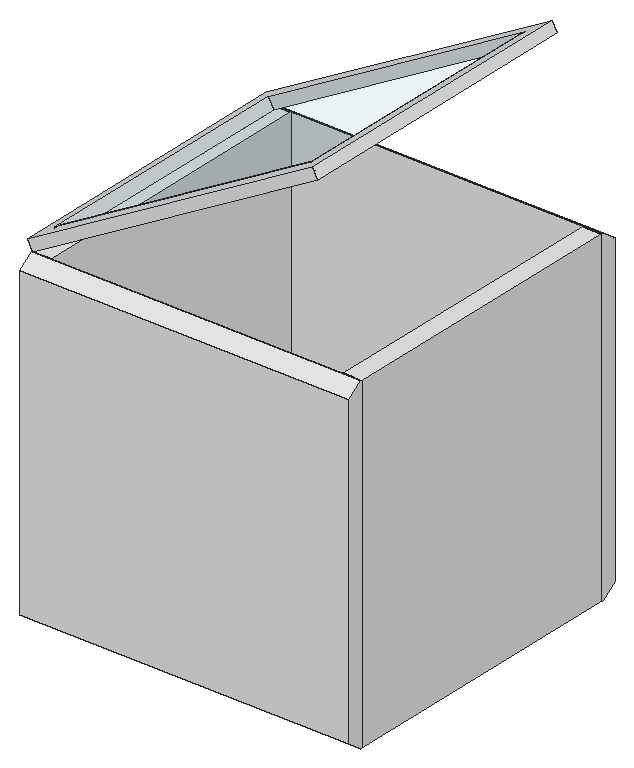
Revit family "Domotics-NetworkCabling-GEWISS-CABINETS_WALL-MOUNTED_19_12U_D600", category Apparecchi elettrici, host Superficie, Revit 2019
Family settings
  Host = Superficie
  Mantenere orientamento annotazione = Sì
  Quota connettore circolare = Usa diametro
  Tipo di parte = Normale
  Taglio con vuoti quando caricato = No
  Condiviso = No
  Punto di calcolo locali = Sì
Parameters (values of type "GW38418 - WALL CABINET 19 12U DEPTH 600MM.")
  simbolo in pianta [instance] = yes
  n_poli = 1
  Visibilità sportello [instance] = yes
  Version file RFA = "21.2"
  URL = "https://www.gewiss.com/ww/en"
  Type of door = "Reversible"
  Technical sheet = "https://www.gewiss.com/ww/en/search?q=GW38418"
  Static load capacity = "50KG"
  SEO = "Board"
  Realized by GEWISS S.p.A. = ""
  Prospetto di default = 900 mm
  Produttore = "GEWISS S.p.A."
  Potenza quadro = 0 V
  Outer dim. LxHxD (mm) = "600x605x600"
  Nome quadro [instance] = "n.quadro"
  No. uprights = "2"
  Modello = "GW38418"
  Material = "Steel"
  Immagine tipo = B.jpg
  IP degree = "IP20"
  IDT = "3c7993ceb833470aaa6632387aac5ca7"
  IDF = "9ade8971-03e7-4a15-938d-8c52a838695b"
  Finishing = "Textured"
  Electrocod = "3752"
  Door opening = "180°"
  Distanza_x [instance] = -380.34 mm
  Distanza simbolo [instance] = 0.5 mm
  Distanza effettiva x [instance] = 1000 mm - Distanza_x  # 1380.34 mm
  Descrizione = "WALL CABINET 19 12U DEPTH 600MM."
  Depth (mm) = "600 mm"
  Colour = "Grey (RAL 7035)"
  Category = "19” wall-mount cabinet"
  Catalogue = "DOMOTICS"
  Cabling unity = "12 U"
  COBie.Tagnumber = ""
  COBie.CreatedOn = ""
  COBie.CreatebBy = ""
  COBie.ComponentRegisterItemID = ""
  COBie.Component.TagNumber = ""
  COBie.Component.Space = ""
  COBie.Component.SerialNumber = ""
  COBie.Component.InstallationDate = ""
  COBie.Component.Description = ""
  COBie.Component.BarCode = ""
  Apertura [instance] = 30.00°
Reference planes
  plane 1 "Centro (Fronte/Retro)": y = 0
  plane 2: z = 0
  plane 3 "Centro (Sinistra/Destra)": x = 0
  plane 4: x = -1380.34
  plane 5: x = 0
Forms (mm)
  Extrusion 1, solid, detail levels coarse
    sketch origin (0, 0, 0) x (1, 0, 0) y (0, 1, 0)
      loop
        line (-10, 609) -> (-10, -4.25) -> (600, -4.25) -> (600, 609) -> (-10, 609)
    from 0 to 600
Dimensions and locks
  plane 4 to plane 3 "Centro (Sinistra/Destra)" = 1380.34 mm
  "Distanza effettiva x": plane 4 to plane 5
  aligned and locked: host face to plane 2
  aligned and locked: host face to level
  aligned and locked: nested 1 to plane 5
  aligned and locked: plane 3 "Centro (Sinistra/Destra)" to nested 2
  aligned and locked: plane 1 "Centro (Fronte/Retro)" to nested 2
  aligned and locked: Extrusion 1 sketch curve to nested 2  (x3)
  aligned and locked: Extrusion 1 to nested 2
Automatic sketch dimensions
  host sketch curve to host sketch curve = 3398.537 mm
  host sketch curve to host sketch curve = 3619.2 mm
  Extrusion 1 sketch curve to plane 3 "Centro (Sinistra/Destra)" = 10 mm
Nested families
  nested 1: "DATACENTERsimbolo" at (0, 911.19, 0), Distanza dal muro <- "Distanza simbolo", SIMBOLO ACCESO <- "simbolo in pianta", visible <- "simbolo in pianta", type "3P"
    with SIMBOLO ACCESO yes, Distanza dal muro 0.5 mm
  nested 2: "QUADRO DA PARETE 19 12U P_600MM_base" at (0, 0, 0), Visibilità sportello <- "Visibilità sportello", type "QUADRO DA PARETE 19 12U P_600MM_base", detail levels medium+fine
Connectors
  electrical at (300, 605, 300), driven by "n_poli", driven by "Potenza quadro"
    settings: on nested 2, index 1, voltage 0 V, apparent load 0 VA, apparent load phase1 0 VA, apparent load phase2 0 VA, apparent load phase3 0 VA, power factor 1, load classification "Altro", number of poles 1, system type 31, power factor state 1, is connector primary yes, connector utility no, sub classification motor no, connector description ""
Definition of nested family "QUADRO DA PARETE 19 12U P_600MM_base"
  Parameters (values of type "QUADRO DA PARETE 19 12U P_600MM_base")
    s = 30.00°
    d_piano = 0 mm
    Visibilità sportello [instance] = yes
    Vetro = none
    Struttura = none
    Sportlello = none
    Profondità quadro = 600 mm  # constant formula
    Larghezza quadro = 600 mm  # constant formula
    Altezza quadro = 605 mm  # constant formula
  Reference planes
    plane 1 "Centro (Fronte/Retro)": y = 0
    plane 2: z = 0
    plane 3 "Centro (Sinistra/Destra)": x = 0
    plane 4: z = 0
    plane 5: z = 26
    plane 6: z = 576
    plane 7: z = 600
    plane 8 "posizione": y = 30
    plane 9: y = 575
    plane 10: y = 605
    plane 11: x = 600
    plane 12: x = 34
    plane 13: x = 566
    plane 14: y = -4.25
    plane 15: y = 609
    plane 16: z = 575.1
    plane 17: z = 545.6
    plane 18: x = 69.137
    plane 19: z = 57.064
    plane 20: z = 555.625
  Forms (mm)
    Extrusion 1, solid, material <- "Struttura"
      sketch origin (0, 0, 0) x (0, 1, 0) y (0, 0, 1)
        loop
          line (30, 600) -> (30, 0) -> (575, 0) -> (575, 600) -> (30, 600)
      from 0 to 34
    Extrusion 2, solid, material <- "Struttura"
      sketch origin (612, 0, 0) x (0, 1, 0) y (0, 0, -1)
        loop
          line (30, -600) -> (575, -600) -> (575, 0) -> (30, 0) -> (30, -600)
      from 12 to 46
    Extrusion 3, solid, material <- "Struttura"
      sketch origin (0, 0, 0) x (0, 1, 0) y (0, 0, 1)
        loop
          line (30, 0) -> (30, 600) -> (27.558, 600) -> (0, 580.704) -> (0, 19.296) -> (27.558, 0) -> (30, 0)
        loop
          line (575, 0) -> (577.442, 0) -> (605, 19.296) -> (605, 580.704) -> (577.442, 600) -> (575, 600) -> (575, 0)
      from 0 to 600
    Extrusion 4, solid, material <- "Struttura"
      sketch origin (0, 0, 0) x (1, 0, 0) y (0, 1, 0)
        loop
          line (34, 575) -> (34, 30) -> (566, 30) -> (566, 575) -> (34, 575)
      from 0 to 26
    Extrusion 5, solid, material <- "Sportlello", visible <- "Visibilità sportello"
      sketch origin (731.334, 0, 1022.236) x (-0.866025, 0, -0.5) y (0, -1, 0)
        loop
          line (844.471, -30) -> (244.471, -30) -> (244.471, -575) -> (844.471, -575) -> (844.471, -30)
        loop
          line (274.471, -545) -> (814.471, -545) -> (814.471, -60) -> (274.471, -60) -> (274.471, -545)
      from 0 to 20
    Extrusion 6, solid, material <- "Vetro", visible <- "Visibilità sportello"
      sketch origin (731.334, 0, 1022.236) x (-0.866025, 0, -0.5) y (0, -1, 0)
        loop
          line (814.471, -60) -> (274.471, -60) -> (274.471, -545) -> (814.471, -545) -> (814.471, -60)
      from 0 to 20
  Lines and regions (mm)
    reference lines
      curve 1: line (731.334, 0, 1022.236) -> (0, 0, 600)
  Dimensions and locks
    locked: plane 5 to plane 4 at 26
    locked: plane 7 to plane 6 at 24
    "Profondità quadro": plane 7 to plane 4
    "d_piano": plane 4 to plane 2
    locked: plane 1 "Centro (Fronte/Retro)" to plane 8 "posizione" at 30
    locked: plane 9 to plane 10 at 30
    "Altezza quadro": plane 1 "Centro (Fronte/Retro)" to plane 10
    "Larghezza quadro": plane 3 "Centro (Sinistra/Destra)" to plane 11
    locked: plane 3 "Centro (Sinistra/Destra)" to plane 12 at 34
    locked: plane 13 to plane 11 at 34
    plane 9 to Extrusion 2 = 545 mm
    locked: plane 14 to plane 1 "Centro (Fronte/Retro)" at 4.25
    locked: plane 10 to plane 15 at 4
    locked: plane 17 to plane 16 at 29.5
    locked: plane 16 to plane 7 at 24.9
    locked: plane 19 to plane 5 at 31.064
    plane 3 "Centro (Sinistra/Destra)" to Extrusion 4 = 566 mm
    locked: Extrusion 5 sketch curve to curve 1 at 30
    "Larghezza quadro": Extrusion 5 sketch curve to Extrusion 5 sketch curve
    locked: Extrusion 5 sketch curve to Extrusion 5 sketch curve at 30  (x4)
    "s": angle plane 7 to curve 1
    aligned and locked: Extrusion 1 sketch curve to plane 7
    aligned and locked: Extrusion 1 sketch curve to plane 4
    aligned and locked: Extrusion 1 sketch curve to plane 8 "posizione"
    aligned and locked: Extrusion 1 sketch curve to plane 9
    aligned and locked: Extrusion 1 to plane 3 "Centro (Sinistra/Destra)"
    aligned and locked: plane 12 to Extrusion 1
    aligned and locked: plane 13 to Extrusion 2
    aligned and locked: Extrusion 2 to plane 11
    aligned and locked: Extrusion 2 to plane 4
    aligned and locked: plane 7 to Extrusion 2
    aligned and locked: Extrusion 3 sketch curve to plane 8 "posizione"
    aligned and locked: Extrusion 3 sketch curve to plane 7
    aligned and locked: Extrusion 3 sketch curve to plane 1 "Centro (Fronte/Retro)"
    aligned and locked: Extrusion 3 sketch curve to plane 10
    aligned and locked: Extrusion 3 sketch curve to plane 9
    aligned and locked: plane 7 to Extrusion 3 sketch curve
    aligned and locked: Extrusion 3 sketch curve to plane 4
    aligned and locked: Extrusion 3 to plane 3 "Centro (Sinistra/Destra)"
    aligned and locked: Extrusion 3 to plane 11
    aligned and locked: Extrusion 4 sketch curve to plane 12
    aligned and locked: Extrusion 4 sketch curve to plane 9
    aligned and locked: Extrusion 4 sketch curve to plane 8 "posizione"
    aligned and locked: Extrusion 4 sketch curve to plane 13
    aligned and locked: plane 5 to Extrusion 4
    aligned and locked: Extrusion 4 to plane 4
    aligned and locked: curve 1 to Extrusion 3
    aligned and locked: Extrusion 6 sketch curve to Extrusion 5  (x3)
    aligned and locked: Extrusion 5 sketch curve to Extrusion 3
  Automatic sketch dimensions
    plane 7 to Extrusion 2 sketch curve = 0 mm
    Extrusion 2 sketch curve to plane 8 "posizione" = 0 mm
    Extrusion 2 sketch curve to plane 4 = 0 mm
    Extrusion 2 sketch curve to plane 9 = 0 mm
    plane 8 "posizione" to Extrusion 3 sketch curve = 2.442 mm  (x2)
    Extrusion 3 sketch curve to plane 9 = 2.442 mm  (x2)
    Extrusion 3 sketch curve to plane 5 = 6.704 mm  (x2)
    plane 6 to Extrusion 3 sketch curve = 4.704 mm  (x2)
    Extrusion 3 sketch curve to plane 4 = 0 mm
    Extrusion 6 sketch curve to curve 1 = 30 mm
    Extrusion 5 sketch curve to curve 1 = 0 mm
    curve 1 to plane 3 "Centro (Sinistra/Destra)" = 0 mm
    curve 1 to plane 7 = 0 mm
Definition of nested family "DATACENTERsimbolo"
  Parameters (values of type "3P")
    SIMBOLO ACCESO [instance] = yes
    Distanza dal muro [instance] = 0 mm
  Reference planes
    plane 1: y = 0
    plane 2: x = 0
  Dimensions and locks
    "Distanza dal muro": plane 1 to nested 1
    aligned and locked: plane 2 to nested 1
  Nested families
    nested 1: "DATACENTERsimbolo.base" at (0, 0, 0), type "3P"
      with CORNICE SIMBOLO yes
  Definition of nested family "DATACENTERsimbolo.base"
    Parameters (values of type "3P")
      Testo = ""
      CORNICE SIMBOLO [instance] = yes
      3P = yes
    Reference planes
      plane 1: y = 0
      plane 2: x = 0
    Lines and regions (mm)
      detail lines
        curve 1: line (6.852, 3.426, 0) -> (8.859, 3.426, 0)
        curve 2: line (8.859, 3.426, 0) -> (8.859, 0, 0)
        curve 3: line (8.859, 0, 0) -> (6.852, 0, 0)
        curve 4: line (6.852, 0, 0) -> (0, 3.426, 0)
        curve 5: line (0, 3.426, 0) -> (3.027, 3.426, 0)
        curve 6: line (3.027, 3.426, 0) -> (6.852, 3.426, 0)
        curve 7: line (6.852, 3.426, 0) -> (6.852, 0, 0)
        curve 8: line (6.852, 0, 0) -> (0, 0, 0)
        curve 9: line (0, 0, 0) -> (0, 3.426, 0)
        curve 10: line (7.856, 1.713, 0) -> (7.856, 2.67, 0)
        curve 11: line (8.526, 0.756, 0) -> (8.526, 1.713, 0)
        curve 12: line (8.526, 1.713, 0) -> (7.185, 1.713, 0)
        curve 13: line (7.185, 1.713, 0) -> (7.185, 0.756, 0)
    Text (mm)
      label "RJ" at (7.87, 1.29, 0), shows "Testo"
    Nested families
      nested 1: "testo_simb" at (7.89, 1.134, 0), type "3P"
        with SIMBOLO ACCESO yes, Distanza dal muro 0 mm
      nested 2: "testo_simb" at (7.855, 0, 0), type "3P"
        with SIMBOLO ACCESO yes, Distanza dal muro 0 mm
      nested 3: "testo_simb" at (7.855, 0, 0), type "3P"
        with SIMBOLO ACCESO yes, Distanza dal muro 0 mm
      nested 4: "testo_simb" at (7.855, 0, 0), type "3P"
        with SIMBOLO ACCESO yes, Distanza dal muro 0 mm
      nested 5: "testo_simb" at (7.855, 0, 0), type "3P"
        with SIMBOLO ACCESO yes, Distanza dal muro 0 mm
    Definition of nested family "testo_simb"
      Parameters (values of type "3P")
        testo simb = ""
        SIMBOLO ACCESO [instance] = yes
        Distanza dal muro [instance] = 0 mm
      Reference planes
        plane 1: y = 0
        plane 2: x = 0
      Text (mm)
        label "RJ" at (0.02, 0.123, 0), shows "testo simb"
